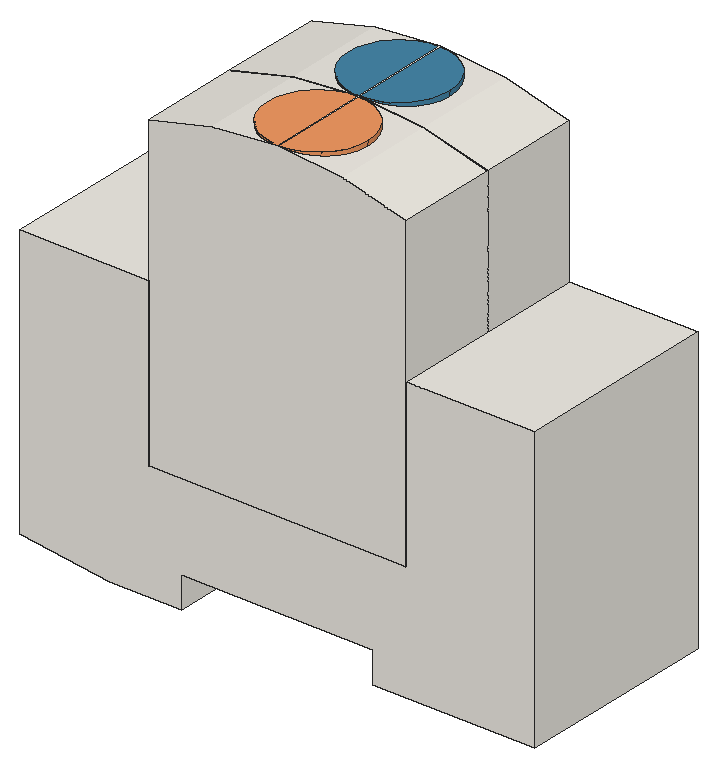
Revit family "Überspannungsableiter V20, 1-polig+NPE und FS", category Generic Models, Revit 2015
Parameters (values of type "V20-1+NPE+FS-320")
  Width = 90 mm
  URL = "http://www.obo-bettermann.com"
  Material 3 = PA 66/6 FR HF RAL 5017
  Material 2 = PA 66/6 FR HF RAL 2003
  Material = PA 66/6 FR HF RAL 9010
  Manufacturer Art.No. = "5095341"
  Manufacturer = "OBO Bettermann"
  Length = 35.6 mm
  Height = 78.5 mm
  GTIN = "4012196163489"
  Article Type = "V20-1+NPE+FS-320"
Types (3, lengths in mm): name | Manufacturer Art.No. | GTIN | Article Type
  (no name) | "5095341" | "4012196163489" | "V20-1+NPE+FS-320"
  V20-1+NPE+FS-280 | "5095331" | "4012196163014" | "V20-1+NPE+FS-280"
  V20-1+NPE+FS-320 | "5095341" | "4012196163489" | "V20-1+NPE+FS-320"
Reference planes
  plane 1 "Center (Front/Back)": y = 0
  plane 2: z = 0
  plane 3 "Center (Left/Right)": x = 0
  plane 4: y = 17.8
  plane 5: z = 78.5
  plane 6: z = 78.5
  plane 7: z = 77.5
  plane 8: y = 35.6
Forms (mm)
  Extrusion 1, solid, material "PA 66/6 FR HF RAL 9010" <- "Material"
    sketch origin (0, 0, 0) x (1, 0, 0) y (0, 0, 1)
      loop
        line (-29.35, 0) -> (-16.75, 0) -> (-16.75, 5.5) -> (16.75, 5.5) -> (16.75, 0) -> (45, 0) -> (45, 49.5) -> (22.5, 49.5) -> (22.5, 20.5) -> (-22.5, 20.5) -> (-22.5, 49.5) -> (-45, 49.5) -> (-45, 1.922) -> (-29.35, 0)
    from -35.6 to 0
  Extrusion 2, solid, material "PA 66/6 FR HF RAL 9010" <- "Material"
    sketch origin (0, 0, 0) x (1, 0, 0) y (0, 0, 1)
      loop
        line (-22.5, 20.5) -> (22.5, 20.5) -> (22.5, 74.639)
        arc (22.5, 74.639) -> (0, 78.5) -> (-22.5, 74.639) r 67.488
        line (-22.5, 74.639) -> (-22.5, 20.5)
    from -17.8 to 0
  Extrusion 3, solid, material "PA 66/6 FR HF RAL 2003" <- "Material 2"
    sketch origin (0, 0, 0) x (1, 0, 0) y (0, 1, 0)
      loop
        circle (0, 8.9) r 8.75
    from 77.5 to 78.5
  Extrusion 4, solid, material "PA 66/6 FR HF RAL 9010" <- "Material"
    sketch origin (0, 0, 0) x (1, 0, 0) y (0, 0, 1)
      loop
        line (-22.5, 74.639) -> (-22.5, 20.5) -> (22.5, 20.5) -> (22.5, 74.639)
        arc (22.5, 74.639) -> (0, 78.5) -> (-22.5, 74.639) r 67.488
    from -35.6 to -17.8
  Extrusion 5, solid, material "PA 66/6 FR HF RAL 5017" <- "Material 3"
    sketch origin (0, 0, 0) x (1, 0, 0) y (0, 1, 0)
      loop
        circle (0, 26.7) r 8.8
    from 77.5 to 78.5
Dimensions and locks
  locked: Extrusion 1 sketch curve to Extrusion 1 sketch curve at 33.5
  locked: plane 3 "Center (Left/Right)" to Extrusion 1 sketch curve at 16.75
  locked: Extrusion 1 sketch curve to level at 5.5
  "Width": Extrusion 1 sketch curve to Extrusion 1 sketch curve
  equal spacing: Extrusion 1 sketch curve, plane 3 "Center (Left/Right)", Extrusion 1 sketch curve, locked at 45 each
  locked: Extrusion 1 sketch curve to Extrusion 1 sketch curve at 44
  locked: Extrusion 1 sketch curve to Extrusion 1 sketch curve at 45
  equal spacing: Extrusion 1 sketch curve, plane 3 "Center (Left/Right)", Extrusion 1 sketch curve, locked at 22.5 each
  locked: Extrusion 1 sketch curve to Extrusion 1 sketch curve at 29
  locked: Extrusion 1 sketch curve to Extrusion 1 sketch curve at 15.65
  locked: Extrusion 1 sketch curve to level at 1.922
  "Height": plane 5 to level
  locked: Extrusion 2 sketch curve to Extrusion 1 at 54.139
  locked: Extrusion 2 to Extrusion 3 sketch curve at 8.9
  "Height": plane 6 to level
  locked: plane 6 to plane 7 at 1
  "Length": plane 8 to plane 1 "Center (Front/Back)"
  locked: plane 4 to plane 1 "Center (Front/Back)" at 17.8
  locked: Extrusion 4 to Extrusion 5 sketch curve at 8.9
  radius of Extrusion 2 sketch curve = 67.488 mm
  radius of Extrusion 3 sketch curve = 8.75 mm
  radius of Extrusion 5 sketch curve = 8.8 mm
  aligned and locked: level to plane 2
  aligned and locked: Extrusion 1 sketch curve to level  (x2)
  aligned and locked: Extrusion 1 sketch curve to Extrusion 1 sketch curve
  aligned and locked: plane 1 "Center (Front/Back)" to Extrusion 1
  aligned and locked: Extrusion 2 sketch curve to Extrusion 1  (x3)
  aligned and locked: Extrusion 2 sketch curve to Extrusion 2 sketch curve
  aligned and locked: plane 1 "Center (Front/Back)" to Extrusion 2
  aligned and locked: plane 6 to Extrusion 3
  aligned and locked: Extrusion 3 to plane 7
  aligned and locked: plane 8 to Extrusion 1
  aligned and locked: Extrusion 4 sketch curve to Extrusion 2  (x4)
  aligned and locked: Extrusion 1 to Extrusion 4
  aligned and locked: Extrusion 4 to plane 4
  aligned and locked: Extrusion 5 to Extrusion 3  (x2)
Automatic sketch dimensions
  Extrusion 3 sketch curve to plane 3 "Center (Left/Right)" = 0 mm
  Extrusion 5 sketch curve to plane 3 "Center (Left/Right)" = 0 mm
